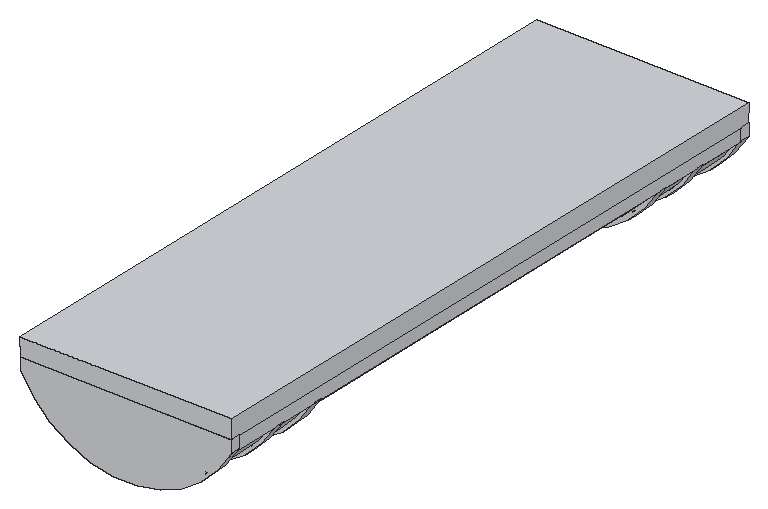
Revit family "7333", category Lighting Fixtures, Revit 2016
Family settings
  Part Type = Normal
  Round Connector Dimension = Use Diameter
  OmniClass Number = 23.80.70.00
  OmniClass Title = Lighting
  Work Plane-Based = No
  Always vertical = Yes
  Cut with Voids When Loaded = No
  Light Source = Yes
  Shared = No
  Room Calculation Point = No
Parameters
  Wattage = 12.1178 W
  built-in parameter 1150110 = 1 (stored number, unit not read)
  built-in parameter 1114217 = 1 (stored number, unit not read)
  Tilt Angle = 60.00°
  built-in parameter 1150109 = 1 (stored number, unit not read)
  built-in parameter 1150134 = (empty or 0)
  built-in parameter 1150113 = 1 (stored number, unit not read)
  Photometric Web File = "7328-55F-35K - 236810.ies"
  Lumens = 1800 lm
  built-in parameter 1150115 = 1 (stored number, unit not read)
  built-in parameter 1150105 = 143.24 (stored number, unit not read)
  built-in parameter 1150137 = (empty or 0)
  built-in parameter 1150139 = (empty or 0)
  built-in parameter 1150112 = 1 (stored number, unit not read)
  built-in parameter 1150114 = 1 (stored number, unit not read)
  built-in parameter 1150132 = 2
  built-in parameter 1150102 = (empty or 0)
  built-in parameter 1150138 = (empty or 0)
  built-in parameter 1150107 = 3000 (stored number, unit not read)
  built-in parameter 1150106 = 1.4324 (stored number, unit not read)
  built-in parameter 1150104 = 13.8 (stored number, unit not read)
  Dimming Lamp Color Temperature Shift = (empty or 0)
  Color Filter = 16777215
  built-in parameter 1114218 = 1 (stored number, unit not read)
  built-in parameter 1150133 = 10 (stored number, unit not read)
Reference planes (in)
  plane 1 "Light Source Axis (F/B)": y = 0
  plane 2: z = -11
  plane 3 "Light Source Axis (L/R)": x = 0
  plane 4 "Light Source Elevation": z = -13.75
  plane 5: y = 13
  plane 6: y = 12.625
  plane 7: x = -0.1875
  plane 8: y = 10.375
  plane 9: y = 8.875
Forms (in)
  Extrusion 1, solid
    sketch origin (0, -0.08746, -11) x (1, 0, 0) y (0, 1, 0)
      loop
        line (-4.25, 13.08746) -> (-4.25, -12.91254) -> (4.25, -12.91254) -> (4.25, 13.08746) -> (-4.25, 13.08746)
    from 0 to 0.75115
  Extrusion 2, solid
    sketch origin (0, 13, -10.07805) x (0, 0, 1) y (-1, 0, 0)
      loop
        line (-0.9, -4.25) -> (-0.9, 4.25) -> (-1.4, 4.25)
        arc (-1.4, 4.25) -> (-3.92195, 0) -> (-1.4, -4.25) r 4.84204
        line (-1.4, -4.25) -> (-0.9, -4.25)
    from 0 to 0.375
  Extrusion 3, solid
    sketch origin (0, 12.625, -10.97805) x (0, 0, 1) y (-1, 0, 0)
      loop
        line (-0.02195, -4.2495) -> (-0.02195, -4) -> (-0.52195, -4) -> (-0.52195, -4.2495) -> (-0.02195, -4.2495)
    from 0 to 25.25
  Extrusion 4, solid
    sketch origin (0, -13, -10.07805) x (0, 0, 1) y (1, 0, 0)
      loop
        line (-0.9, 4.25) -> (-1.4, 4.25)
        arc (-1.4, 4.25) -> (-3.92195, 0) -> (-1.4, -4.25) r 4.84204
        line (-1.4, -4.25) -> (-0.9, -4.25) -> (-0.9, 4.25)
    from 0 to 0.375
  Extrusion 5, solid
    sketch origin (0, 12.625, -10.97805) x (0, 0, 1) y (-1, 0, 0)
      loop
        line (-0.02195, 4.2495) -> (-0.52195, 4.2495) -> (-0.52195, 4) -> (-0.02195, 4) -> (-0.02195, 4.2495)
    from 0 to 25.25
  Extrusion 6, solid, material "Brownlee Acrylic"
    sketch origin (0, 0, 0) x (1, 0, 0) y (0, 0, 1)
      loop
        line (-4, -11) -> (-4, -11.5)
        arc (-4, -11.5) -> (0, -13.81888) -> (4, -11.5) r 4.60938
        line (4, -11.5) -> (4, -11) -> (-4, -11)
    from -12.625 to 12.625
  Extrusion 7, solid
    sketch origin (0, 10.375, -13.75) x (0, 0, -1) y (-1, 0, 0)
      loop
        arc (-2.25, -4.23795) -> (0.25, 0) -> (-2.25, 4.23795) r 4.84204
        line (-2.25, 4.23795) -> (-2.25, 4)
        arc (-2.25, 4) -> (0.06888, 0) -> (-2.25, -4) r 4.60938
        line (-2.25, -4) -> (-2.25, -4.23795)
    from 0 to 0.375
  Extrusion 8, solid
    sketch origin (0, 8.875, -10.24885) x (0, 0, 1) y (-1, 0, 0)
      loop
        line (-1.25115, -4.23795) -> (-1.25115, -4)
        arc (-1.25115, -4) -> (-3.57003, 0) -> (-1.25115, 4) r 4.60938
        line (-1.25115, 4) -> (-1.25115, 4.23795)
        arc (-1.25115, 4.23795) -> (-3.75115, 0) -> (-1.25115, -4.23795) r 4.84204
    from 0 to 0.375
  Extrusion 9, solid
    sketch origin (0, -10.375, -13.75) x (0, 0, -1) y (1, 0, 0)
      loop
        line (-2.25, 4.23795) -> (-2.25, 4)
        arc (-2.25, 4) -> (0.06888, 0) -> (-2.25, -4) r 4.60938
        line (-2.25, -4) -> (-2.25, -4.23795)
        arc (-2.25, -4.23795) -> (0.25, 0) -> (-2.25, 4.23795) r 4.84204
    from 0 to 0.375
  Extrusion 10, solid
    sketch origin (0, -8.875, -10.24885) x (0, 0, 1) y (1, 0, 0)
      loop
        arc (-1.25115, 4.23795) -> (-3.75115, 0) -> (-1.25115, -4.23795) r 4.84204
        line (-1.25115, -4.23795) -> (-1.25115, -4)
        arc (-1.25115, -4) -> (-3.57003, 0) -> (-1.25115, 4) r 4.60938
        line (-1.25115, 4) -> (-1.25115, 4.23795)
    from 0 to 0.375
  Extrusion 11, solid
    sketch origin (0, 12.625, -10.97805) x (0, 0, 1) y (-1, 0, 0)
      loop
        line (-0.02195, -4) -> (-0.52195, -4)
        arc (-0.52195, -4) -> (-2.84083, 0) -> (-0.52195, 4) r 4.60938
        line (-0.52195, 4) -> (-0.02195, 4) -> (-0.02195, 4.0625) -> (-0.52195, 4.0625)
        arc (-0.52195, 4.0625) -> (-2.89873, 0) -> (-0.52195, -4.0625) r 4.66029
        line (-0.52195, -4.0625) -> (-0.02195, -4.0625) -> (-0.02195, -4)
    from 0 to 1.875
  Extrusion 12, solid
    sketch origin (0, -12.625, -10.97805) x (0, 0, 1) y (1, 0, 0)
      loop
        line (-0.02195, 4) -> (-0.02195, 4.0625) -> (-0.52195, 4.0625)
        arc (-0.52195, 4.0625) -> (-2.89873, 0) -> (-0.52195, -4.0625) r 4.66029
        line (-0.52195, -4.0625) -> (-0.02195, -4.0625) -> (-0.02195, -4) -> (-0.52195, -4)
        arc (-0.52195, -4) -> (-2.84083, 0) -> (-0.52195, 4) r 4.60938
        line (-0.52195, 4) -> (-0.02195, 4)
    from 0 to 1.875
  Extrusion 13, solid
    sketch origin (0, 10.375, -13.75) x (0, 0, -1) y (-1, 0, 0)
      loop
        arc (-2.25, -4.0625) -> (0.12678, 0) -> (-2.25, 4.0625) r 4.66029
        line (-2.25, 4.0625) -> (-2.75, 4.0625) -> (-2.75, 4) -> (-2.25, 4)
        arc (-2.25, 4) -> (0.06888, 0) -> (-2.25, -4) r 4.60938
        line (-2.25, -4) -> (-2.75, -4) -> (-2.75, -4.0625) -> (-2.25, -4.0625)
    from 0 to -1.5
  Extrusion 14, solid
    sketch origin (0, -10.375, -13.75) x (0, 0, -1) y (1, 0, 0)
      loop
        line (-2.25, 4.0625) -> (-2.75, 4.0625) -> (-2.75, 4) -> (-2.25, 4)
        arc (-2.25, 4) -> (0.06888, 0) -> (-2.25, -4) r 4.60938
        line (-2.25, -4) -> (-2.75, -4) -> (-2.75, -4.0625) -> (-2.25, -4.0625)
        arc (-2.25, -4.0625) -> (0.12678, 0) -> (-2.25, 4.0625) r 4.66029
    from 0 to -1.5
Lines and regions (in)
  model lines
    curve 1: line (4.23795, 8.875, -11.5) -> (4, 8.875, -11.5)
Dimensions and locks (in)
  aligned and locked: level to plane 2
